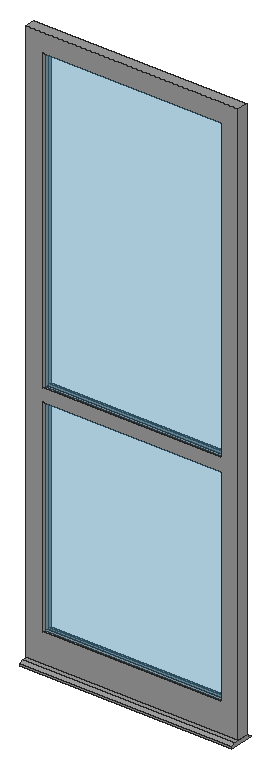
Revit family "NS-212 DOOR-1-PD-SF_v05", category Curtain Panels, Revit 2015
Parameters
  Width [instance] = 3' - 2"
  URL = "obe.com"
  Rough Width [instance] = 3' - 0"
  Panel Width [instance] = [Min-Max Rough Width]  # 3' - 0"
  Offset [instance] = 0' - 0"
  Model = "NS-212 DOOR"
  Min-Max Rough Width [instance] = if(and((Rough Width > 2' 11 255/256"), (Rough Width < 3' 6 1/256")), Rough Width, 3' 0")  # 3' - 0"
  Manufacturer = "Oldcastle BuildingEnvelope®"
  Keynote = "08 11 00"
  Height [instance] = 8' - 0"
  Pushbar Height [instance] = 3' - 5 1/4"  # constant formula
  Glass Material = Glass
  Frame Material = Aluminum
  Door Panel Height [instance] = Height + 0' 0 17/32"  # 8' - 0 17/32"
  Description = "NS-212 - 1\" Door Infill"
  Assembly Code = "B2030"
  Analytic Construction = "<None>"
  8 Muntin [instance] = no
  6.5 Muntin [instance] = no
  6.5 Bottom Rail [instance] = not([4 Bottom Rail])  # no
  4 Muntin [instance] = no
  4 Bottom Rail [instance] = yes
  1.875 Muntin [instance] = no
  0.5 Muntin [instance] = if(or([1.875 Muntin], [4 Muntin], [6.5 Muntin], [8 Muntin]), 1 = 2, 1 = 1)  # yes
Reference planes (in)
  plane 1 "Front": y = 0
  plane 2: z = 0
  plane 3 "Center (Left/Right)": x = 0
  plane 4 "Left": x = -19
  plane 5 "Right": x = 19
  plane 6 "Top": z = 96
  plane 7: x = -18
  plane 8: x = 18
Text (in)
  text "Exterior" at (-54.29358, 31.38743, 0), in view "Ref. Level"
  text "Exterior" at (480, 41.53993, 89.60405), in view "Right"
  text "Exterior" at (-240, 57.82419, 105.78864), in view "Left"
Dimensions and locks (in)
  equal spacing: plane 4 "Left", plane 3 "Center (Left/Right)", plane 5 "Right"
  "Width": plane 4 "Left" to plane 5 "Right"
  "Height": plane 6 "Top" to plane 2
  equal spacing: plane 7, plane 3 "Center (Left/Right)", plane 8
  "Min-Max Rough Width": plane 7 to plane 8
  aligned and locked: level to plane 2
  aligned and locked: plane 3 "Center (Left/Right)" to nested 1
  aligned and locked: plane 1 "Front" to nested 1
Nested families (in)
  nested 1: "NS-212 DOOR-1-PD-Panel_v04" at (0, -14, 0), 1.875 Muntin <- "1.875 Muntin", 4 Muntin <- "4 Muntin", 6.5 Muntin <- "6.5 Muntin", 8 Muntin <- "8 Muntin", 4 Bottom Rail <- "4 Bottom Rail", Frame Material <- "Frame Material", Glass Material <- "Glass Material", Height <- "Door Panel Height", Width <- "Min-Max Rough Width", Offset <- "Offset", type "NS-212 DOOR-1-PD-Panel_v04"
    with built-in parameter 1001301 3' - 0", Pushbar Height 3' - 5 1/4", Offset 0' - 0", built-in parameter 1001300 8' - 0 17/32", Glass at Muntin 0' - 1 7/16", Glass Material Glass, Frame Material Aluminum, Bottom Rail 0' - 5 5/32", 8 Muntin no, 6.5 Muntin no, 6.5 Bottom Rail no, 4 Muntin no, 4 Bottom Rail yes, 1.875 Muntin no, 0.5 Muntin yes
Definition of nested family "NS-212 DOOR-1-PD-Panel_v04"
  Parameters (values of type "NS-212 DOOR-1-PD-Panel_v04")
    Width [instance] = 3' - 6"
    Offset [instance] = 0' - 6"
    Height [instance] = 8' - 0"
    Glass at Muntin [instance] = if([8 Muntin], 0' 8 15/16", if([6.5 Muntin], 0' 7 7/16", if([4 Muntin], 0' 4 15/16", if([1.875 Muntin], 0' 2 13/16", 0' 1 7/16"))))  # 0' - 1 7/16"
    Pushbar Height [instance] = 3' - 5 1/4"  # constant formula
    Glass Material [instance] = none
    Frame Material [instance] = none
    Bottom Rail [instance] = if([4 Bottom Rail], 0' 5 5/32", 0' 7 21/32")  # 0' - 7 21/32"
    Analytic Construction = "<None>"
    8 Muntin [instance] = no
    6.5 Muntin [instance] = no
    4 Muntin [instance] = no
    4 Bottom Rail [instance] = no
    6.5 Bottom Rail [instance] = not([4 Bottom Rail])  # yes
    1.875 Muntin [instance] = no
    0.5 Muntin [instance] = if(or([1.875 Muntin], [4 Muntin], [6.5 Muntin], [8 Muntin]), 1 = 2, 1 = 1)  # yes
  Reference planes (in)
    plane 1 "00": y = 7
    plane 2: z = 0
    plane 3 "Center (Left/Right)": x = 0
    plane 4: z = 96
    plane 5: x = 21
    plane 6: x = -21
    plane 7 "Center (Front/Back)": y = 14
    plane 8: z = 48
    plane 9: z = 92.96875
    plane 10: z = 92.625
    plane 11: z = 7.65625
    plane 12: z = 40.53125
    plane 13: z = 41.96875
    plane 14: x = -18.34375
    plane 15: x = 18.34375
    plane 16: z = 41.25
    plane 17 "Offset": y = 8
    plane 18 "01": y = 7.875
  Forms (in)
    Sweep 1, solid, material <- "Frame Material"
      path origin (0, 7, 0) x (1, 0, 0) y (0, 0, 1)
        loop
          line (-20.8285, 96) -> (20.8285, 96)
      profile origin (0, 7, 96) x (0, 0, 1) y (0, -1, 0)
        loop
          line (-0.53125, -0.875) -> (-0.53125, 0.875) -> (-2.12093, 0.875) -> (-3.65625, 0.875) -> (-3.65625, 0.5) -> (-3.375, 0.5) -> (-3.375, -0.5) -> (-3.65625, -0.5) -> (-3.65625, -0.875) -> (-2.12093, -0.875) -> (-0.53125, -0.875)
    Sweep 2, solid, material <- "Frame Material"
      path origin (0, 7, 0) x (1, 0, 0) y (0, 0, 1)
        loop
          line (20.82813, 0) -> (-20.82812, 0)
      profile origin (0, 7, 0) x (0, 0, -1) y (0, -1, 0)
        loop
          line (-7.9375, -0.5) -> (-7.9375, -0.875) -> (-0.6875, -0.875) -> (-0.6875, 0.875) -> (-7.9375, 0.875) -> (-7.9375, 0.5) -> (-7.65625, 0.5) -> (-7.65625, -0.5) -> (-7.9375, -0.5)
        loop
          line (-0.5, 1.5305) -> (-0.5, -1.1555) -> (-0.19364, -1.8125) -> (-0.00001, -1.8125) -> (-0.00001, 2.1875) -> (-0.19364, 2.1875) -> (-0.5, 1.5305)
    Sweep 3, solid, material <- "Frame Material"
      path origin (0, 7, 0) x (1, 0, 0) y (0, 0, 1)
        loop
          line (21, 95.46875) -> (21, 0.6875)
      profile origin (21, 7, 48.07812) x (0, -1, 0) y (1, 0, 0)
        loop
          line (0.875, -0.1715) -> (-0.875, -0.0625) -> (-0.875, -2.03839) -> (-0.875, -2.9375) -> (-0.5, -2.9375) -> (-0.5, -2.65625) -> (0.5, -2.65625) -> (0.5, -2.9375) -> (0.875, -2.9375) -> (0.875, -2.03839) -> (0.875, -0.1715)
    Sweep 4, solid, material <- "Frame Material"
      path origin (0, 7, 0) x (1, 0, 0) y (0, 0, 1)
        loop
          line (-21, 95.46875) -> (-21, 0.6875)
      profile origin (-21, 7, 48.07812) x (0, -1, 0) y (1, 0, 0)
        loop
          line (-0.875, 0.0625) -> (0.875, 0.1715) -> (0.875, 1.95385) -> (0.875, 2.9375) -> (0.5, 2.9375) -> (0.5, 2.65625) -> (-0.5, 2.65625) -> (-0.5, 2.9375) -> (-0.875, 2.9375) -> (-0.875, 1.95385) -> (-0.875, 0.0625)
    Sweep 5, solid, material <- "Frame Material"
      path origin (0, 7, 0) x (1, 0, 0) y (0, 0, 1)
        loop
          line (20.8285, 48) -> (-20.8285, 48)
      profile origin (0, 7, 48) x (0, 0, -1) y (0, -1, 0)
        loop
          line (7.75, 0.875) -> (5.75, 0.875) -> (5.75, 0.5) -> (6.03125, 0.5) -> (6.03125, -0.5) -> (5.75, -0.5) -> (5.75, -0.875) -> (7.75, -0.875) -> (7.75, -0.5) -> (7.46875, -0.5) -> (7.46875, 0.5) -> (7.75, 0.5) -> (7.75, 0.875)
    Extrusion 6, solid, material <- "Glass Material", detail levels coarse
      sketch origin (0, 0, 0) x (1, 0, 0) y (0, 1, 0)
        loop
          line (-18.34375, 7.5) -> (-18.34375, 6.5) -> (18.34375, 6.5) -> (18.34375, 7.5) -> (-18.34375, 7.5)
      from 41.96875 to 92.625
    Extrusion 7, solid, material <- "Glass Material", detail levels coarse
      sketch origin (0, 0, 0) x (1, 0, 0) y (0, 1, 0)
        loop
          line (-18.34375, 7.5) -> (-18.34375, 6.5) -> (18.34375, 6.5) -> (18.34375, 7.5) -> (-18.34375, 7.5)
      from 7.65625 to 40.53125
    Extrusion 8, solid, material <- "Glass Material", detail levels medium+fine
      sketch origin (0, 2.8125, 0) x (1, 0, 0) y (0, 1, 0)
        loop
          line (-18.34375, 3.6875) -> (18.34375, 3.6875) -> (18.34375, 3.9375) -> (-18.34375, 3.9375) -> (-18.34375, 3.6875)
        loop
          line (-18.34375, 4.6875) -> (-18.34375, 4.4375) -> (18.34375, 4.4375) -> (18.34375, 4.6875) -> (-18.34375, 4.6875)
      from 41.96875 to 92.625
    Extrusion 9, solid, material <- "Glass Material", detail levels medium+fine
      sketch origin (0, 0, 0) x (1, 0, 0) y (0, 1, 0)
        loop
          line (-18.34375, 6.5) -> (18.34375, 6.5) -> (18.34375, 6.75) -> (-18.34375, 6.75) -> (-18.34375, 6.5)
        loop
          line (-18.34375, 7.25) -> (18.34375, 7.25) -> (18.34375, 7.5) -> (-18.34375, 7.5) -> (-18.34375, 7.25)
      from 7.65625 to 40.53125
  Cuts and joins
    joined: Sweep 1, Sweep 2, Sweep 3, Sweep 4, Sweep 5
  Lines and regions (in)
    model lines
      curve 1: line (18.34375, 7.875, 92.625) -> (-18.34375, 7.875, 48)
      curve 2: line (-18.34375, 7.875, 48) -> (18.0625, 7.875, 7.9375)
  Dimensions and locks (in)
    "Width": plane 6 to plane 5
    equal spacing: level, plane 8, plane 4
    locked: Sweep 2 sketch curve to plane 6 at 0.17187
    locked: plane 5 to Sweep 2 sketch curve at 0.17188
    locked: Sweep 3 sketch curve to plane 4 at 0.53125
    locked: Sweep 4 sketch curve to plane 4 at 0.53125
    locked: Sweep 1 sketch curve to plane 6 at 0.1715
    locked: plane 5 to Sweep 1 sketch curve at 0.1715
    locked: plane 5 to Sweep 5 sketch curve at 0.1715
    locked: Sweep 5 sketch curve to plane 6 at 0.1715
    locked: plane 4 to plane 9 at 3.03125
    Extrusion 6 sketch curve to plane 1 "00" to Extrusion 6 sketch curve = 0' - 0 1/2" locked, 0' - 0 1/2" locked
    Extrusion 7 sketch curve to plane 1 "00" to Extrusion 7 sketch curve = 0' - 0 1/2" locked, 0' - 0 1/2" locked
    "Glass at Muntin": plane 12 to plane 13
    locked: plane 10 to plane 4 at 3.375
    "Bottom Rail": plane 11 to plane 2
    "Height": plane 4 to plane 2
    locked: Sweep 1 sketch curve to plane 10 at 0.28125  (x2)
    locked: plane 13 to Sweep 5 sketch curve at 0.28125  (x2)
    locked: Sweep 5 sketch curve to plane 12 at 0.28125  (x2)
    locked: plane 11 to Sweep 2 sketch curve at 0.28125  (x2)
    equal spacing: plane 6, plane 3 "Center (Left/Right)", plane 5
    locked: plane 6 to plane 14 at 2.65625
    locked: plane 15 to plane 5 at 2.65625
    Extrusion 8 sketch curve to Extrusion 8 sketch curve to plane 1 "00" to Extrusion 8 sketch curve to Extrusion 8 sketch curve = 0' - 0 1/4" locked, 0' - 0 1/4" locked, 0' - 0 1/4" locked, 0' - 0 1/4" locked
    equal spacing: plane 12, plane 16, plane 13
    "Pushbar Height": plane 2 to plane 16
    locked: Sweep 4 sketch curve to plane 2 at 0.6875
    locked: Sweep 3 sketch curve to plane 2 at 0.6875
    locked: cut or joined group of Sweep 1, Sweep 2, Sweep 3, Sweep 4, Sweep 5 to plane 1 "00" at 2.1875
    cut or joined group of Sweep 1, Sweep 2, Sweep 3, Sweep 4, Sweep 5 to plane 1 "00" to cut or joined group of Sweep 1, Sweep 2, Sweep 3, Sweep 4, Sweep 5 = 0' - 0 7/8" locked, 0' - 0 7/8" locked
    "Offset": plane 17 "Offset" to plane 7 "Center (Front/Back)"
    locked: plane 1 "00" to plane 17 "Offset" at 1
    Extrusion 7 to plane 1 "00" to Extrusion 7 = 0' - 0 1/2" locked, 0' - 0 1/2" locked
    Extrusion 6 to plane 1 "00" to Extrusion 6 = 0' - 0 1/2" locked, 0' - 0 1/2" locked
    Extrusion 9 to Extrusion 9 = 0' - 0 1/4"
    Extrusion 9 sketch curve to Extrusion 9 sketch curve to plane 1 "00" to Extrusion 9 sketch curve to Extrusion 9 sketch curve = 0' - 0 1/4" locked, 0' - 0 1/4" locked, 0' - 0 1/4" locked, 0' - 0 1/4" locked
    locked: plane 1 "00" to plane 18 "01" at 0.875
    aligned and locked: plane 2 to level
    aligned and locked: Sweep 1 sketch curve to plane 4
    aligned and locked: plane 5 to Sweep 3 sketch curve
    aligned and locked: plane 6 to Sweep 4 sketch curve
    aligned and locked: Sweep 5 sketch curve to plane 8
    aligned and locked: Extrusion 6 to plane 10
    aligned and locked: plane 13 to Extrusion 6
    aligned and locked: Extrusion 7 to plane 12
    aligned and locked: plane 11 to Extrusion 7
    aligned and locked: plane 11 to Sweep 2 sketch curve
    aligned and locked: Sweep 5 sketch curve to plane 12
    aligned and locked: plane 13 to Sweep 5 sketch curve
    aligned and locked: plane 8 to curve 1
    aligned and locked: plane 15 to Extrusion 7
    aligned and locked: Extrusion 6 to plane 14
    aligned and locked: plane 15 to Extrusion 6
    aligned and locked: Extrusion 7 to plane 14
    aligned and locked: Extrusion 8 to plane 14  (x2)
    aligned and locked: plane 15 to Extrusion 8  (x2)
    aligned and locked: plane 13 to Extrusion 8
    aligned and locked: Extrusion 8 to plane 10
    aligned and locked: Sweep 2 sketch curve to plane 2
    aligned and locked: Extrusion 8 to cut or joined group of Sweep 1, Sweep 2, Sweep 3, Sweep 4, Sweep 5
    aligned and locked: Extrusion 6 to curve 1
    aligned and locked: curve 1 to Extrusion 6
    aligned and locked: plane 14 to Extrusion 9 sketch curve  (x2)
    aligned and locked: Extrusion 9 sketch curve to plane 15  (x2)
    aligned and locked: Extrusion 9 to plane 12
    aligned and locked: plane 11 to Extrusion 9
  Automatic sketch dimensions
    Sweep 1 sketch curve to Sweep 1 sketch curve = 0' - 0 9/32"
    Sweep 1 sketch curve to Sweep 1 sketch curve = 0' - 1.25407"  (x2)
    profile plane to Sweep 1 sketch curve = 0' - 0 17/32"
    Sweep 1 sketch curve to plane 1 "00" = 0' - 0 7/8"
    Sweep 1 sketch curve to Sweep 1 sketch curve = 0' - 0 3/8"  (x2)
    plane 1 "00" to Sweep 1 sketch curve = 0' - 0 1/2"
    profile plane to Sweep 2 sketch curve = 0' - 0 11/16"
    profile plane to Sweep 2 sketch curve = 0' - 0 1/2"
    profile plane to Sweep 2 sketch curve = 0' - 0.19364"  (x2)
    profile plane to Sweep 2 sketch curve = 0' - 0"
    Sweep 2 sketch curve to plane 1 "00" = 0' - 1 13/16"
    Sweep 2 sketch curve to Sweep 2 sketch curve = 0' - 0.657"  (x2)
    Sweep 2 sketch curve to Sweep 2 sketch curve = 0' - 0.2805"
    Sweep 2 sketch curve to Sweep 2 sketch curve = 0' - 0 3/8"  (x2)
    plane 1 "00" to Sweep 2 sketch curve = 0' - 0 1/2"
    Sweep 2 sketch curve to Sweep 2 sketch curve = 0' - 0.6555"
    Sweep 3 sketch curve to plane 1 "00" = 0' - 0 7/8"
    Sweep 3 sketch curve to Sweep 3 sketch curve = 0' - 0 3/8"  (x2)
    plane 1 "00" to Sweep 3 sketch curve = 0' - 0 1/2"
    profile plane to Sweep 3 sketch curve = 0' - 2 15/16"
    Sweep 3 sketch curve to Sweep 3 sketch curve = 0' - 0"
    Sweep 3 sketch curve to Sweep 3 sketch curve = 0' - 0 9/32"
    Sweep 3 sketch curve to Sweep 3 sketch curve = 0' - 0.61786"  (x2)
    profile plane to Sweep 3 sketch curve = 0' - 0.1715"
    profile plane to Sweep 3 sketch curve = 0' - 0 1/16"
    Sweep 4 sketch curve to plane 1 "00" = 0' - 0 7/8"
    Sweep 4 sketch curve to Sweep 4 sketch curve = 0' - 0 3/8"  (x2)
    plane 1 "00" to Sweep 4 sketch curve = 0' - 0 1/2"
    Sweep 4 sketch curve to profile plane = 0' - 0 1/16"
    Sweep 4 sketch curve to profile plane = 0' - 0.1715"
    Sweep 4 sketch curve to Sweep 4 sketch curve = 0' - 1.89135"
    Sweep 4 sketch curve to Sweep 4 sketch curve = 0' - 0"
    Sweep 4 sketch curve to Sweep 4 sketch curve = 0' - 0.7024"
    Sweep 4 sketch curve to Sweep 4 sketch curve = 0' - 0 9/32"  (x2)
    Sweep 5 sketch curve to plane 1 "00" = 0' - 0 7/8"
    Sweep 5 sketch curve to Sweep 5 sketch curve = 0' - 0 3/8"  (x3)
    plane 1 "00" to Sweep 5 sketch curve = 0' - 0 1/2"  (x2)
    Extrusion 6 sketch curve to plane 14 = 0' - 0"
    Extrusion 6 sketch curve to plane 15 = 0' - 0"
    Extrusion 7 sketch curve to plane 14 = 0' - 0"
    Extrusion 7 sketch curve to plane 15 = 0' - 0"
    Extrusion 8 sketch curve to plane 14 = 0' - 0"  (x2)
    Extrusion 8 sketch curve to plane 15 = 0' - 0"  (x2)
    curve 1 to plane 14 = 0' - 0"
    curve 1 to plane 10 = 0' - 0"
    curve 1 to plane 15 = 0' - 0"
    curve 2 to plane 15 = 0' - 0 9/32"
    curve 2 to plane 11 = 0' - 0 9/32"
